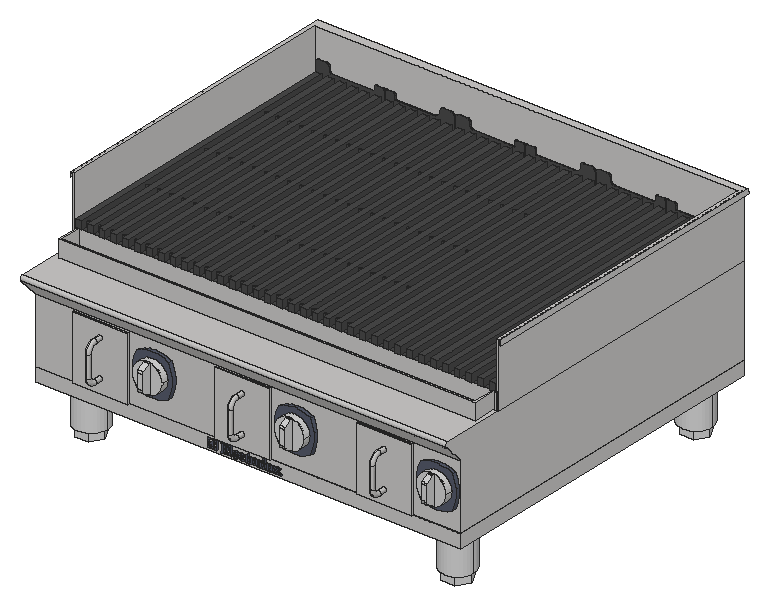
Revit family "QF_ELECTROLUXPROFESSIONAL_169121_AGG36", category Specialty Equipment, Revit 2018
Family settings
  Round Connector Dimension = Use Diameter
  Part Type = Normal
  Work Plane-Based = No
  Always vertical = Yes
  Cut with Voids When Loaded = No
  Shared = Yes
  Room Calculation Point = No
Parameters
  Weight = "190 lbs."
  Watts = 0 W
  URL Manufacturer = "www.electrolux.com/foodservice"
  URL Cutsheet = "www.electrolux.com/foodservice"
  URL = "www.electrolux.com/foodservice"
  Type Mark [instance] = ""
  Type Comments = ""
  Status [instance] = ""
  Specification by User [instance] = ""
  Specification by Manufacturer = ""
  Show Logo [instance] = yes
  Show Clearance [instance] = yes
  Serial Number = ""
  Seismic Rating = ""
  SMACNA No = ""
  Revision Code [instance] = ""
  Omniclass Number and Title = ""
  NAFEM Spec ID Number = ""
  Model = "AGG36"
  Mechanical Remarks [instance] = ""
  Mechanical Connection Type [instance] = ""
  MasterSpec. = ""
  Manufacturer = "ELECTROLUX"
  Item Number [instance] = ""
  Installed By [instance] = ""
  Identify Quantity as Lot [instance] = yes
  HP = "0 HP"
  Gas Size = 3/4"
  Gas RI Height [instance] = 0"
  Gas RI Connection Height [instance] = 6 15/16"
  Gas KW = 28.9
  Gas Input = 99000.0 Btu/h
  Furnished By [instance] = ""
  Foodservice Equipment Identifier [instance] = yes
  Direct Waste Size = 0"
  Description = "Gas Charbroiler Top 36\""
  CSI MasterFormat = ""
  CSI Master Format = ""
Reference planes (in)
  plane 1 "BACK": y = 0
  plane 2: z = 0
  plane 3 "LEFT": x = 0
  plane 4 "RIGHT": x = 36
  plane 5 "FRONT": y = -31.49658
  plane 6 "TOP": z = 18.375
Forms (in)
  Extrusion 1, solid, material "QF_Finishes_Stainless Steel"
    sketch origin (0, 0, 0) x (0, 1, 0) y (0, 0, 1)
      loop
        arc (-31.25479, 12.9375) -> (-31.47376, 12.79398) -> (-31.42952, 12.53592) r 0.23881
        line (-31.42952, 12.53592) -> (-29.875, 10.86712) -> (-29.875, 5.4064) -> (0, 5.4064) -> (0, 12.9375) -> (-31.25479, 12.9375)
      loop
        line (-29.875, 5.36699) -> (-29.875, 4.25) -> (0, 4.25) -> (0, 5.34478) -> (-29.875, 5.36699)
    from 0 to 36
  Extrusion 2, solid, material "QF_Finishes_Handrails and Railings"
    sketch origin (0.0197, -1.36719, 0) x (1, 0, 0) y (0, 1, 0)
      loop
        line (3.07085, -24.73494) -> (1.88975, -24.73494) -> (1.2992, -25.75781) -> (1.88975, -26.78067) -> (3.07085, -26.78067) -> (3.6614, -25.75781) -> (3.07085, -24.73494)
    from 0 to 0.78729
  Revolve 3, solid, material "QF_Finishes_Handrails and Railings"
    sketch origin (0.0197, -27.125, 0) x (1, 0, 0) y (0, 0, 1)
      loop
        line (2.4803, 0.78729) -> (2.4803, 4.25) -> (1.10235, 4.25) -> (1.10235, 0.78729) -> (2.4803, 0.78729)
      axis (2.4803, 4.25) -> (2.4803, 0.78729)
    angle from 0 to 360
  Extrusion 4, solid, material "QF_Finishes_Handrails and Railings"
    sketch origin (0.0197, 23.82031, 0) x (1, 0, 0) y (0, 1, 0)
      loop
        line (3.07085, -24.73494) -> (1.88975, -24.73494) -> (1.2992, -25.75781) -> (1.88975, -26.78067) -> (3.07085, -26.78067) -> (3.6614, -25.75781) -> (3.07085, -24.73494)
    from 0 to 0.78729
  Revolve 5, solid, material "QF_Finishes_Handrails and Railings"
    sketch origin (0.0197, -1.9375, 0) x (1, 0, 0) y (0, 0, 1)
      loop
        line (2.4803, 0.78729) -> (2.4803, 4.25) -> (1.10235, 4.25) -> (1.10235, 0.78729) -> (2.4803, 0.78729)
      axis (2.4803, 4.25) -> (2.4803, 0.78729)
    angle from 0 to 360
  Extrusion 6, solid, material "Navy Blue"
    sketch origin (18, 0, 0) x (-1, 0, 0) y (0, 0, -1)
      loop
        arc (6.50574, -9.87065) -> (7.85673, -10.23541) -> (9.20772, -9.87065) r 2.68427
        arc (9.20772, -9.87065) -> (9.54528, -8.46518) -> (9.20772, -7.05971) r 3.09468
        arc (9.20772, -7.05971) -> (7.85673, -6.69495) -> (6.50574, -7.05971) r 2.68427
        arc (6.50574, -7.05971) -> (6.16818, -8.46518) -> (6.50574, -9.87065) r 3.09468
    from 29.875 to 30.17272
  Extrusion 7, solid, material "QF_Finishes_Handrails and Railings"
    sketch origin (18, 0, 0) x (-1, 0, 0) y (0, 0, -1)
      loop
        circle (7.85673, -8.46518) r 1.25
    from 30.17272 to 30.7208
  Extrusion 8, solid, material "QF_Finishes_Handrails and Railings"
    sketch origin (18, -0.08156, 0) x (0, 1, 0) y (0, 0, -1)
      loop
        line (-30.7208, -9.61954) -> (-30.63924, -9.61954) -> (-30.63924, -7.31125) -> (-30.7208, -7.31125) -> (-31.27282, -7.62384)
        arc (-31.27282, -7.62384) -> (-31.37661, -7.72631) -> (-31.41471, -7.86711) r 0.27972
        line (-31.41471, -7.86711) -> (-31.41533, -9.12681)
        arc (-31.41533, -9.12681) -> (-31.39236, -9.21203) -> (-31.32961, -9.27409) r 0.16924
        line (-31.32961, -9.27409) -> (-30.7208, -9.61954)
    from 7.63866 to 8.09484
  Extrusion 9, solid, material "Navy Blue", visible <- "Show Logo"
    sketch origin (-7.82651, 16.02487, -64.47924) x (1, 0, 0) y (0, 0, 1)
      loop
        line (22.92786, 69.6462) -> (22.92786, 68.97238)
        arc (22.92786, 68.97238) -> (23.17694, 69.30929) -> (22.92786, 69.6462) r 0.35239
      loop
        arc (22.89359, 69.6462) -> (22.61337, 69.58251) -> (22.47836, 69.32883) r 0.34534
        line (22.47836, 69.32883) -> (22.58983, 69.32883)
        arc (22.58983, 69.32883) -> (22.78898, 69.40966) -> (22.89359, 69.59741) r 0.32369
        line (22.89359, 69.59741) -> (22.89359, 69.6462)
      loop
        arc (22.89359, 69.02118) -> (22.78898, 69.20892) -> (22.58983, 69.28976) r 0.32369
        line (22.58983, 69.28976) -> (22.47836, 69.28976)
        arc (22.47836, 69.28976) -> (22.61314, 69.03398) -> (22.89359, 68.96373) r 0.35438
        line (22.89359, 68.96373) -> (22.89359, 69.02118)
      loop
        line (22.45278, 69.68297) -> (22.45278, 68.93408) -> (23.20268, 68.93408) -> (23.20268, 69.68297) -> (22.45278, 69.68297)
      loop
        line (23.57392, 69.68753) -> (23.57392, 69.6483)
        arc (23.57392, 69.6483) -> (23.62149, 69.63495) -> (23.64661, 69.59241) r 0.06626
        line (23.64661, 69.59241) -> (23.64661, 69.02506)
        arc (23.64661, 69.02506) -> (23.62256, 68.98016) -> (23.57396, 68.96488) r 0.06745
        line (23.57396, 68.96488) -> (23.57396, 68.92937) -> (24.14289, 68.92937) -> (24.14289, 69.07925) -> (24.094, 69.07925)
        arc (24.094, 69.07925) -> (24.0624, 69.02972) -> (24.00915, 69.0049) r 0.10503
        line (24.00915, 69.0049) -> (23.87299, 69.0049)
        arc (23.87299, 69.0049) -> (23.83329, 69.01991) -> (23.81345, 69.05743) r 0.06
        line (23.81345, 69.05743) -> (23.81345, 69.28009) -> (24.01361, 69.28009)
        arc (24.01361, 69.28009) -> (24.04135, 69.26003) -> (24.05328, 69.22795) r 0.05899
        line (24.05328, 69.22795) -> (24.08489, 69.22795) -> (24.08489, 69.40532) -> (24.05328, 69.40532)
        arc (24.05328, 69.40532) -> (24.04135, 69.37324) -> (24.01361, 69.35319) r 0.05899
        line (24.01361, 69.35319) -> (23.81345, 69.35319) -> (23.81345, 69.60803) -> (24.01764, 69.60803)
        arc (24.01764, 69.60803) -> (24.06367, 69.59288) -> (24.08951, 69.55188) r 0.07161
        line (24.08951, 69.55188) -> (24.12389, 69.55188) -> (24.12389, 69.68753) -> (23.57392, 69.68753)
      loop
        line (24.19687, 69.68753) -> (24.19687, 69.65098)
        arc (24.19687, 69.65098) -> (24.24558, 69.63081) -> (24.26576, 69.58209) r 0.06889
        line (24.26576, 69.58209) -> (24.26576, 69.05632)
        arc (24.26576, 69.05632) -> (24.24416, 69.00892) -> (24.19421, 68.99412) r 0.06281
        line (24.19421, 68.99412) -> (24.19421, 68.92937) -> (24.48487, 68.92937) -> (24.48487, 68.99412)
        arc (24.48487, 68.99412) -> (24.43492, 69.00892) -> (24.41332, 69.05632) r 0.06281
        line (24.41332, 69.05632) -> (24.41332, 69.71411) -> (24.19687, 69.68753)
      loop
        line (24.67774, 69.1307) -> (24.67774, 69.19988) -> (25.02902, 69.19988) -> (25.02902, 69.24342)
        arc (25.02902, 69.24342) -> (24.97537, 69.38403) -> (24.8417, 69.45315) r 0.21106
        line (24.8417, 69.45315) -> (24.74575, 69.45315)
        arc (24.74575, 69.45315) -> (24.58967, 69.3885) -> (24.52503, 69.23242) r 0.22073
        line (24.52503, 69.23242) -> (24.52503, 69.123)
        arc (24.52503, 69.123) -> (24.60594, 68.96944) -> (24.76978, 68.91213) r 0.23712
        arc (24.76978, 68.91213) -> (24.904, 68.93198) -> (25.01703, 69.00704) r 0.31131
        line (25.01703, 69.00704) -> (25.01703, 69.05875)
        arc (25.01703, 69.05875) -> (24.93153, 69.01883) -> (24.83791, 69.00704) r 0.304
        arc (24.83791, 69.00704) -> (24.73948, 69.04304) -> (24.68203, 69.1307) r 0.16658
      loop
        line (24.67774, 69.2685) -> (24.88387, 69.2685) -> (24.88387, 69.31067)
        arc (24.88387, 69.31067) -> (24.8636, 69.36636) -> (24.81228, 69.39599) r 0.08663
        line (24.81228, 69.39599) -> (24.7671, 69.39599)
        arc (24.7671, 69.39599) -> (24.69868, 69.34888) -> (24.67774, 69.2685) r 0.11901
      loop
        arc (25.57907, 69.42057) -> (25.48785, 69.4472) -> (25.39322, 69.45579) r 0.49163
        line (25.39322, 69.45579) -> (25.31898, 69.45579)
        arc (25.31898, 69.45579) -> (25.16644, 69.39261) -> (25.10326, 69.24007) r 0.21572
        line (25.10326, 69.24007) -> (25.10326, 69.09839)
        arc (25.10326, 69.09839) -> (25.1737, 68.97407) -> (25.30297, 68.91318) r 0.23599
        line (25.30297, 68.91318) -> (25.41932, 68.91318)
        arc (25.41932, 68.91318) -> (25.51994, 68.94946) -> (25.60259, 69.01736) r 0.31449
        line (25.60259, 69.01736) -> (25.60259, 69.06672) -> (25.56735, 69.06672)
        arc (25.56735, 69.06672) -> (25.51758, 69.02418) -> (25.45391, 69.00888) r 0.14017
        line (25.45391, 69.00888) -> (25.37135, 69.00888)
        arc (25.37135, 69.00888) -> (25.28191, 69.06369) -> (25.2469, 69.16257) r 0.15712
        line (25.2469, 69.16257) -> (25.2469, 69.23224)
        arc (25.2469, 69.23224) -> (25.27742, 69.33147) -> (25.36813, 69.38195) r 0.13914
        line (25.36813, 69.38195) -> (25.42553, 69.38195)
        arc (25.42553, 69.38195) -> (25.4982, 69.34763) -> (25.53993, 69.27894) r 0.13972
        line (25.53993, 69.27894) -> (25.57907, 69.27894) -> (25.57907, 69.42057)
      loop
        line (25.5938, 69.36509) -> (25.67558, 69.36509) -> (25.67558, 69.03555)
        arc (25.67558, 69.03555) -> (25.71142, 68.94902) -> (25.79795, 68.91318) r 0.12237
        line (25.79795, 68.91318) -> (25.88423, 68.91318)
        arc (25.88423, 68.91318) -> (25.95312, 68.94271) -> (26.00819, 68.99355) r 0.22123
        line (26.00819, 68.99355) -> (26.00819, 69.02847) -> (25.97122, 69.02847)
        arc (25.97122, 69.02847) -> (25.93052, 69.00759) -> (25.88479, 69.00888) r 0.09207
        arc (25.88479, 69.00888) -> (25.84186, 69.03838) -> (25.82533, 69.08778) r 0.08208
        line (25.82533, 69.08778) -> (25.82533, 69.36773) -> (25.95595, 69.36773) -> (25.98627, 69.39804) -> (25.98627, 69.44281) -> (25.83045, 69.44281) -> (25.83045, 69.61886) -> (25.5938, 69.36509)
      loop
        line (26.03517, 68.92504) -> (26.32868, 68.92504) -> (26.32868, 68.98552)
        arc (26.32868, 68.98552) -> (26.27686, 69.00698) -> (26.2554, 69.0588) r 0.07328
        line (26.2554, 69.0588) -> (26.2554, 69.25583)
        arc (26.2554, 69.25583) -> (26.28765, 69.29749) -> (26.33792, 69.31327) r 0.088
        line (26.33792, 69.31327) -> (26.42268, 69.31327) -> (26.46, 69.45253) -> (26.38466, 69.45253)
        arc (26.38466, 69.45253) -> (26.3098, 69.42153) -> (26.2788, 69.34667) r 0.10586
        line (26.2788, 69.34667) -> (26.24521, 69.34667) -> (26.24521, 69.44913) -> (26.0346, 69.42699) -> (26.0346, 69.39208)
        arc (26.0346, 69.39208) -> (26.08292, 69.37113) -> (26.10845, 69.32506) r 0.08178
        line (26.10845, 69.32506) -> (26.10845, 69.0588)
        arc (26.10845, 69.0588) -> (26.08698, 69.00698) -> (26.03517, 68.98552) r 0.07328
        line (26.03517, 68.98552) -> (26.03517, 68.92504)
      loop
        line (26.4717, 69.2575) -> (26.4717, 69.11082)
        arc (26.4717, 69.11082) -> (26.54295, 68.97757) -> (26.68084, 68.91579) r 0.23366
        arc (26.68084, 68.91579) -> (26.75604, 68.91233) -> (26.83125, 68.91579) r 0.81853
        arc (26.83125, 68.91579) -> (26.96914, 68.97757) -> (27.04039, 69.11082) r 0.23366
        line (27.04039, 69.11082) -> (27.04039, 69.2575)
        arc (27.04039, 69.2575) -> (26.96914, 69.39075) -> (26.83125, 69.45253) r 0.23366
        arc (26.83125, 69.45253) -> (26.75604, 69.45599) -> (26.68084, 69.45253) r 0.81853
        arc (26.68084, 69.45253) -> (26.54295, 69.39075) -> (26.4717, 69.2575) r 0.23366
      loop
        line (26.64139, 69.26866) -> (26.64139, 69.09966)
        arc (26.64139, 69.09966) -> (26.75891, 68.98213) -> (26.87643, 69.09966) r 0.11752
        line (26.87643, 69.09966) -> (26.87643, 69.26866)
        arc (26.87643, 69.26866) -> (26.75891, 69.38619) -> (26.64139, 69.26866) r 0.11752
      loop
        line (27.08187, 69.68753) -> (27.08187, 69.64903)
        arc (27.08187, 69.64903) -> (27.13059, 69.62885) -> (27.15076, 69.58014) r 0.06889
        line (27.15076, 69.58014) -> (27.15076, 69.04265)
        arc (27.15076, 69.04265) -> (27.12916, 68.99525) -> (27.07922, 68.98045) r 0.06281
        line (27.07922, 68.98045) -> (27.07922, 68.92937) -> (27.36987, 68.92937) -> (27.36987, 68.98045)
        arc (27.36987, 68.98045) -> (27.31992, 68.99525) -> (27.29832, 69.04265) r 0.06281
        line (27.29832, 69.04265) -> (27.29832, 69.71411) -> (27.08187, 69.68753)
      loop
        arc (27.56578, 68.9189) -> (27.48158, 68.95913) -> (27.44739, 69.04596) r 0.12738
        line (27.44739, 69.04596) -> (27.44739, 69.31948)
        arc (27.44739, 69.31948) -> (27.42537, 69.36878) -> (27.37395, 69.38526) r 0.06618
        line (27.37395, 69.38526) -> (27.37395, 69.42631) -> (27.59762, 69.44982) -> (27.59762, 69.11219)
        arc (27.59762, 69.11219) -> (27.62174, 69.04935) -> (27.68172, 69.01879) r 0.09392
        arc (27.68172, 69.01879) -> (27.73752, 69.02275) -> (27.78856, 69.04565) r 0.16019
        line (27.78856, 69.04565) -> (27.78856, 69.32369)
        arc (27.78856, 69.32369) -> (27.76083, 69.36469) -> (27.71529, 69.38406) r 0.08743
        line (27.71529, 69.38406) -> (27.71529, 69.42692) -> (27.94433, 69.44294) -> (27.94433, 69.02604)
        arc (27.94433, 69.02604) -> (27.9585, 68.98878) -> (27.99384, 68.97036) r 0.05606
        line (27.99384, 68.97036) -> (27.99384, 68.92937) -> (27.8523, 68.92937)
        arc (27.8523, 68.92937) -> (27.81996, 68.94344) -> (27.80822, 68.97669) r 0.04419
        line (27.80822, 68.97669) -> (27.77574, 68.97669)
        arc (27.77574, 68.97669) -> (27.72, 68.93392) -> (27.65141, 68.91872) r 0.1623
        line (27.65141, 68.91872) -> (27.5689, 68.91872)
      loop
        line (27.99384, 69.43917) -> (27.99384, 69.40417)
        arc (27.99384, 69.40417) -> (28.05152, 69.38277) -> (28.10231, 69.34805) r 0.25223
        line (28.10231, 69.34805) -> (28.22795, 69.17511) -> (28.05838, 68.98679)
        arc (28.05838, 68.98679) -> (28.03693, 68.97387) -> (28.01192, 68.97509) r 0.04299
        line (28.01192, 68.97509) -> (28.01192, 68.92937) -> (28.20509, 68.92937) -> (28.20509, 68.97439)
        arc (28.20509, 68.97439) -> (28.18534, 68.99304) -> (28.19035, 69.01974) r 0.02835
        line (28.19035, 69.01974) -> (28.27051, 69.11781) -> (28.34546, 69.00239)
        arc (28.34546, 69.00239) -> (28.32857, 68.98053) -> (28.30136, 68.97581) r 0.03815
        line (28.30136, 68.97581) -> (28.30136, 68.92937) -> (28.63046, 68.92937) -> (28.63046, 68.97768)
        arc (28.63046, 68.97768) -> (28.59456, 68.98133) -> (28.56559, 69.00285) r 0.06795
        line (28.56559, 69.00285) -> (28.38385, 69.23546) -> (28.48746, 69.35895)
        arc (28.48746, 69.35895) -> (28.53396, 69.39302) -> (28.59095, 69.40172) r 0.12107
        line (28.59095, 69.40172) -> (28.59095, 69.43917) -> (28.38306, 69.43917) -> (28.38306, 69.40172)
        arc (28.38306, 69.40172) -> (28.41038, 69.38848) -> (28.40759, 69.35825) r 0.02666
        line (28.40759, 69.35825) -> (28.33803, 69.27536) -> (28.27317, 69.36799)
        arc (28.27317, 69.36799) -> (28.28698, 69.39468) -> (28.31549, 69.40418) r 0.03992
        line (28.31549, 69.40418) -> (28.31549, 69.43917) -> (27.99384, 69.43917)
    from 45.89987 to 45.9727
  Extrusion 10, solid, material "QF_Finishes_Clearance", visible <- "Show Clearance", detail levels coarse
    sketch origin (2.80868, 0.84181, 0) x (1, 0, 0) y (0, 1, 0)
      loop
        line (-8.80868, -32.33839) -> (-2.80868, -32.33839) -> (-2.80868, -0.84181) -> (33.19132, -0.84181) -> (33.19132, -32.33839) -> (39.19919, -32.33839) -> (39.19919, 7.15819) -> (-8.80868, 7.15819) -> (-8.80868, -32.33839)
    from 0 to 18.375
  Extrusion 11, solid, material "QF_Finishes_Stainless Steel"
    sketch origin (-7.25787, -1.848, 2.75) x (1, 0, 0) y (0, 0, 1)
      loop
        circle (8.69537, 4.1875) r 0.375
    from -2.473 to -1.848
  Extrusion 12, solid, material "QF_Finishes_Handrails and Railings"
    sketch origin (35.9803, -1.36719, 0) x (-1, 0, 0) y (0, -1, 0)
      loop
        line (3.07085, 24.73494) -> (3.6614, 25.75781) -> (3.07085, 26.78067) -> (1.88975, 26.78067) -> (1.2992, 25.75781) -> (1.88975, 24.73494) -> (3.07085, 24.73494)
    from 0 to 0.78729
  Revolve 13, solid, material "QF_Finishes_Handrails and Railings"
    sketch origin (35.9803, -27.125, 0) x (-1, 0, 0) y (0, 0, -1)
      loop
        line (2.4803, -0.78729) -> (1.10235, -0.78729) -> (1.10235, -4.25) -> (2.4803, -4.25) -> (2.4803, -0.78729)
      axis (2.4803, -4.25) -> (2.4803, -0.78729)
    angle from 0 to 360
  Extrusion 14, solid, material "QF_Finishes_Handrails and Railings"
    sketch origin (35.9803, 23.82031, 0) x (-1, 0, 0) y (0, -1, 0)
      loop
        line (3.07085, 24.73494) -> (3.6614, 25.75781) -> (3.07085, 26.78067) -> (1.88975, 26.78067) -> (1.2992, 25.75781) -> (1.88975, 24.73494) -> (3.07085, 24.73494)
    from 0 to 0.78729
  Revolve 15, solid, material "QF_Finishes_Handrails and Railings"
    sketch origin (35.9803, -1.9375, 0) x (-1, 0, 0) y (0, 0, -1)
      loop
        line (2.4803, -0.78729) -> (1.10235, -0.78729) -> (1.10235, -4.25) -> (2.4803, -4.25) -> (2.4803, -0.78729)
      axis (2.4803, -4.25) -> (2.4803, -0.78729)
    angle from 0 to 360
  Extrusion 16, solid, material "QF_Finishes_Stainless Steel"
    sketch origin (14.08679, -0.01486, 0.01533) x (0, 0, 1) y (-1, 0, 0)
      loop
        line (5.37858, 6.1313) -> (10.77228, 6.1313) -> (10.77228, 10.81634) -> (5.37858, 10.81634) -> (5.37858, 6.1313)
    from 29.92264 to 30.06107
  Sweep 17, solid, material "QF_Finishes_Stainless Steel"
    path origin (5.61296, 6.02097, 25.16218) x (0, 0, -1) y (0, -1, 0)
      loop
        line (18.42574, 36.0969) -> (18.42574, 36.7219)
        arc (18.42574, 36.7219) -> (18.29892, 37.02809) -> (17.99273, 37.15492) r 0.43301
        line (17.99273, 37.15492) -> (16.1501, 37.15492)
        arc (16.1501, 37.15492) -> (15.84391, 37.02809) -> (15.71708, 36.7219) r 0.43301
        line (15.71708, 36.7219) -> (15.71708, 36.0969)
    profile origin (5.61296, -30.38843, 9.44509) x (0, 0, -1) y (-1, 0, 0)
      loop
        circle (-0.1847, 0) r 0.1847
  Extrusion 18, solid, material "QF_Finishes_Stainless Steel"
    sketch origin (0, 0, 0) x (1, 0, 0) y (0, 1, 0)
      loop
        line (0.125, -25.94113) -> (0.125, -0.47213) -> (35.875, -0.47213) -> (35.875, -25.94113) -> (36, -25.94113) -> (36, 0) -> (0, 0) -> (0, -25.94113) -> (0.125, -25.94113)
    from 12.9375 to 18.375
  Extrusion 19, solid, material "QF_Finishes_Stainless Steel"
    sketch origin (0, 0, 0) x (0, 1, 0) y (0, 0, 1)
      loop
        line (-0.47213, 14.3125) -> (-25.94113, 14.3125) -> (-25.94113, 12.9375) -> (-0.47213, 12.9375) -> (-0.47213, 14.3125)
    from 0.125 to 35.875
  Extrusion 20, solid, material "QF_Finishes_Stainless Steel"
    sketch origin (0, 1.77555, 0.0625) x (1, 0, 0) y (0, 1, 0)
      loop
        line (35.61418, -29.68276) -> (35.61418, -27.71668) -> (35.48918, -27.71668) -> (35.48918, -29.55776) -> (0.5187, -29.55776) -> (0.5187, -27.71668) -> (0.3937, -27.71668) -> (0.3937, -29.68276) -> (35.61418, -29.68276)
    from 12.8739 to 14.25
  Extrusion 21, solid, material "QF_Finishes_Black"
    sketch origin (0, 0, 0.23007) x (1, 0, 0) y (0, 0, 1)
      loop
        line (0.25, 14.70743) -> (0.25, 14.08243) -> (0.74213, 14.08243) -> (0.74213, 14.70743) -> (0.25, 14.70743)
      loop
        line (1.25, 14.70743) -> (1.25, 14.08243) -> (1.74213, 14.08243) -> (1.74213, 14.70743) -> (1.25, 14.70743)
      loop
        line (2.25, 14.70743) -> (2.25, 14.08243) -> (2.74213, 14.08243) -> (2.74213, 14.70743) -> (2.25, 14.70743)
      loop
        line (3.25, 14.70743) -> (3.25, 14.08243) -> (3.74213, 14.08243) -> (3.74213, 14.70743) -> (3.25, 14.70743)
      loop
        line (4.25, 14.70743) -> (4.25, 14.08243) -> (4.74213, 14.08243) -> (4.74213, 14.70743) -> (4.25, 14.70743)
      loop
        line (5.25, 14.70743) -> (5.25, 14.08243) -> (5.74213, 14.08243) -> (5.74213, 14.70743) -> (5.25, 14.70743)
      loop
        line (6.25, 14.70743) -> (6.25, 14.08243) -> (6.74213, 14.08243) -> (6.74213, 14.70743) -> (6.25, 14.70743)
      loop
        line (7.25, 14.70743) -> (7.25, 14.08243) -> (7.74213, 14.08243) -> (7.74213, 14.70743) -> (7.25, 14.70743)
      loop
        line (8.25, 14.70743) -> (8.25, 14.08243) -> (8.74213, 14.08243) -> (8.74213, 14.70743) -> (8.25, 14.70743)
      loop
        line (9.25, 14.70743) -> (9.25, 14.08243) -> (9.74213, 14.08243) -> (9.74213, 14.70743) -> (9.25, 14.70743)
      loop
        line (10.25, 14.70743) -> (10.25, 14.08243) -> (10.74213, 14.08243) -> (10.74213, 14.70743) -> (10.25, 14.70743)
      loop
        line (11.25, 14.70743) -> (11.25, 14.08243) -> (11.74213, 14.08243) -> (11.74213, 14.70743) -> (11.25, 14.70743)
    from 0.53463 to 25.94113
  Extrusion 22, solid, material "QF_Finishes_Black"
    sketch origin (0, -0.79298, 0.23007) x (1, 0, 0) y (0, 1, 0)
      loop
        line (0.74213, -24.6794) -> (23.26575, -24.6794) -> (23.26575, -24.5544) -> (0.74213, -24.5544) -> (0.74213, -24.6794)
    from 14.08243 to 14.55429
  Extrusion 23, solid, material "QF_Finishes_Black"
    sketch origin (0, 5.45702, 0.23007) x (1, 0, 0) y (0, 1, 0)
      loop
        line (0.74213, -24.6794) -> (23.26575, -24.6794) -> (23.26575, -24.5544) -> (0.74213, -24.5544) -> (0.74213, -24.6794)
    from 14.08243 to 14.55429
  Extrusion 24, solid, material "QF_Finishes_Black"
    sketch origin (0, 11.70702, 0.23007) x (1, 0, 0) y (0, 1, 0)
      loop
        line (0.74213, -24.6794) -> (23.26575, -24.6794) -> (23.26575, -24.5544) -> (0.74213, -24.5544) -> (0.74213, -24.6794)
    from 14.08243 to 14.55429
  Extrusion 25, solid, material "QF_Finishes_Black"
    sketch origin (0, 17.95702, 0.23007) x (1, 0, 0) y (0, 1, 0)
      loop
        line (0.74213, -24.6794) -> (23.26575, -24.6794) -> (23.26575, -24.5544) -> (0.74213, -24.5544) -> (0.74213, -24.6794)
    from 14.08243 to 14.55429
  Extrusion 26, solid, material "QF_Finishes_Black"
    sketch origin (0, -0.47213, 0.23007) x (1, 0, 0) y (0, 0, 1)
      loop
        line (6.03125, 14.08243) -> (6.03125, 15.29625)
        arc (6.03125, 15.29625) -> (5.98404, 15.41022) -> (5.87007, 15.45743) r 0.16118
        line (5.87007, 15.45743) -> (5.34868, 15.45743)
        arc (5.34868, 15.45743) -> (5.23471, 15.41022) -> (5.1875, 15.29625) r 0.16118
        line (5.1875, 15.29625) -> (5.1875, 14.95743) -> (1.71808, 14.95743)
        arc (1.71808, 14.95743) -> (1.47549, 15.05792) -> (1.375, 15.30051) r 0.34308
        line (1.375, 15.30051) -> (1.375, 15.45743)
        arc (1.375, 15.45743) -> (1.30178, 15.63421) -> (1.125, 15.70743) r 0.25
        line (1.125, 15.70743) -> (0.5414, 15.70743)
        arc (0.5414, 15.70743) -> (0.24696, 15.58547) -> (0.125, 15.29104) r 0.4164
        line (0.125, 15.29104) -> (0.125, 14.08243) -> (6.03125, 14.08243)
    from 0 to 0.0625
  Extrusion 27, solid, material "QF_Finishes_Black"
    sketch origin (12.125, -0.47213, 0.23007) x (-1, 0, 0) y (0, 0, -1)
      loop
        line (6.03125, -14.08243) -> (0.125, -14.08243) -> (0.125, -15.29104)
        arc (0.125, -15.29104) -> (0.24696, -15.58547) -> (0.5414, -15.70743) r 0.4164
        line (0.5414, -15.70743) -> (1.125, -15.70743)
        arc (1.125, -15.70743) -> (1.30178, -15.63421) -> (1.375, -15.45743) r 0.25
        line (1.375, -15.45743) -> (1.375, -15.30051)
        arc (1.375, -15.30051) -> (1.47549, -15.05792) -> (1.71808, -14.95743) r 0.34308
        line (1.71808, -14.95743) -> (5.1875, -14.95743) -> (5.1875, -15.29625)
        arc (5.1875, -15.29625) -> (5.23471, -15.41022) -> (5.34868, -15.45743) r 0.16118
        line (5.34868, -15.45743) -> (5.87007, -15.45743)
        arc (5.87007, -15.45743) -> (5.98404, -15.41022) -> (6.03125, -15.29625) r 0.16118
        line (6.03125, -15.29625) -> (6.03125, -14.08243)
    from 0 to 0.0625
  Sweep 28, solid, material "QF_Finishes_Stainless Steel"
    path in 3D
      loop
        line (36, -25.94113, 18.375) -> (36, 0, 18.375) -> (0, 0, 18.375) -> (0, -25.94113, 18.375)
    profile origin (0, -12.97057, 18.375) x (1, 0, 0) y (0, 0, 1)
      loop
        line (0, 0) -> (-0.2067, 0) -> (-0.2067, -0.39097) -> (-0.1442, -0.39097) -> (-0.1442, -0.0625) -> (0, -0.0625) -> (0, 0)
  Extrusion 29, solid, material "QF_Finishes_Stainless Steel"
    sketch origin (0, 2.02555, 0.0625) x (1, 0, 0) y (0, 1, 0)
      loop
        line (0.5187, -29.80776) -> (35.48918, -29.80776) -> (35.48918, -27.96668) -> (0.5187, -27.96668) -> (0.5187, -29.80776)
    from 12.8739 to 12.9989
  Extrusion 30, solid, material "QF_Finishes_Black"
    sketch origin (12.01575, 0, 0.23007) x (1, 0, 0) y (0, 0, 1)
      loop
        line (0.25, 14.70743) -> (0.25, 14.08243) -> (0.74213, 14.08243) -> (0.74213, 14.70743) -> (0.25, 14.70743)
      loop
        line (1.25, 14.70743) -> (1.25, 14.08243) -> (1.74213, 14.08243) -> (1.74213, 14.70743) -> (1.25, 14.70743)
      loop
        line (2.25, 14.70743) -> (2.25, 14.08243) -> (2.74213, 14.08243) -> (2.74213, 14.70743) -> (2.25, 14.70743)
      loop
        line (3.25, 14.70743) -> (3.25, 14.08243) -> (3.74213, 14.08243) -> (3.74213, 14.70743) -> (3.25, 14.70743)
      loop
        line (4.25, 14.70743) -> (4.25, 14.08243) -> (4.74213, 14.08243) -> (4.74213, 14.70743) -> (4.25, 14.70743)
      loop
        line (5.25, 14.70743) -> (5.25, 14.08243) -> (5.74213, 14.08243) -> (5.74213, 14.70743) -> (5.25, 14.70743)
      loop
        line (6.25, 14.70743) -> (6.25, 14.08243) -> (6.74213, 14.08243) -> (6.74213, 14.70743) -> (6.25, 14.70743)
      loop
        line (7.25, 14.70743) -> (7.25, 14.08243) -> (7.74213, 14.08243) -> (7.74213, 14.70743) -> (7.25, 14.70743)
      loop
        line (8.25, 14.70743) -> (8.25, 14.08243) -> (8.74213, 14.08243) -> (8.74213, 14.70743) -> (8.25, 14.70743)
      loop
        line (9.25, 14.70743) -> (9.25, 14.08243) -> (9.74213, 14.08243) -> (9.74213, 14.70743) -> (9.25, 14.70743)
      loop
        line (10.25, 14.70743) -> (10.25, 14.08243) -> (10.74213, 14.08243) -> (10.74213, 14.70743) -> (10.25, 14.70743)
      loop
        line (11.25, 14.70743) -> (11.25, 14.08243) -> (11.74213, 14.08243) -> (11.74213, 14.70743) -> (11.25, 14.70743)
    from 0.53463 to 25.94113
  Extrusion 31, solid, material "QF_Finishes_Black"
    sketch origin (11.75, -0.79298, 0.23007) x (1, 0, 0) y (0, 1, 0)
      loop
        line (0.74213, -24.6794) -> (11.51575, -24.6794) -> (11.51575, -24.5544) -> (0.74213, -24.5544) -> (0.74213, -24.6794)
    from 14.08243 to 14.55429
  Extrusion 32, solid, material "QF_Finishes_Black"
    sketch origin (11.88287, -0.47213, 0.23007) x (1, 0, 0) y (0, 0, 1)
      loop
        line (6.03125, 14.08243) -> (6.03125, 15.29625)
        arc (6.03125, 15.29625) -> (5.98404, 15.41022) -> (5.87007, 15.45743) r 0.16118
        line (5.87007, 15.45743) -> (5.34868, 15.45743)
        arc (5.34868, 15.45743) -> (5.23471, 15.41022) -> (5.1875, 15.29625) r 0.16118
        line (5.1875, 15.29625) -> (5.1875, 14.95743) -> (1.71808, 14.95743)
        arc (1.71808, 14.95743) -> (1.47549, 15.05792) -> (1.375, 15.30051) r 0.34308
        line (1.375, 15.30051) -> (1.375, 15.45743)
        arc (1.375, 15.45743) -> (1.30178, 15.63421) -> (1.125, 15.70743) r 0.25
        line (1.125, 15.70743) -> (0.5414, 15.70743)
        arc (0.5414, 15.70743) -> (0.24696, 15.58547) -> (0.125, 15.29104) r 0.4164
        line (0.125, 15.29104) -> (0.125, 14.08243) -> (6.03125, 14.08243)
    from 0 to 0.0625
  Extrusion 33, solid, material "QF_Finishes_Black"
    sketch origin (24.00787, -0.47213, 0.23007) x (-1, 0, 0) y (0, 0, -1)
      loop
        line (6.03125, -14.08243) -> (0.125, -14.08243) -> (0.125, -15.29104)
        arc (0.125, -15.29104) -> (0.24696, -15.58547) -> (0.5414, -15.70743) r 0.4164
        line (0.5414, -15.70743) -> (1.125, -15.70743)
        arc (1.125, -15.70743) -> (1.30178, -15.63421) -> (1.375, -15.45743) r 0.25
        line (1.375, -15.45743) -> (1.375, -15.30051)
        arc (1.375, -15.30051) -> (1.47549, -15.05792) -> (1.71808, -14.95743) r 0.34308
        line (1.71808, -14.95743) -> (5.1875, -14.95743) -> (5.1875, -15.29625)
        arc (5.1875, -15.29625) -> (5.23471, -15.41022) -> (5.34868, -15.45743) r 0.16118
        line (5.34868, -15.45743) -> (5.87007, -15.45743)
        arc (5.87007, -15.45743) -> (5.98404, -15.41022) -> (6.03125, -15.29625) r 0.16118
        line (6.03125, -15.29625) -> (6.03125, -14.08243)
    from 0 to 0.0625
  Extrusion 34, solid, material "Navy Blue"
    sketch origin (30.00394, 0, 0) x (-1, 0, 0) y (0, 0, -1)
      loop
        arc (6.50574, -9.87065) -> (7.85673, -10.23541) -> (9.20772, -9.87065) r 2.68427
        arc (9.20772, -9.87065) -> (9.54528, -8.46518) -> (9.20772, -7.05971) r 3.09468
        arc (9.20772, -7.05971) -> (7.85673, -6.69495) -> (6.50574, -7.05971) r 2.68427
        arc (6.50574, -7.05971) -> (6.16818, -8.46518) -> (6.50574, -9.87065) r 3.09468
    from 29.875 to 30.17272
  Extrusion 35, solid, material "QF_Finishes_Handrails and Railings"
    sketch origin (30.00394, 0, 0) x (-1, 0, 0) y (0, 0, -1)
      loop
        circle (7.85673, -8.46518) r 1.25
    from 30.17272 to 30.7208
  Extrusion 36, solid, material "QF_Finishes_Handrails and Railings"
    sketch origin (30.00394, -0.08156, 0) x (0, 1, 0) y (0, 0, -1)
      loop
        line (-30.7208, -9.61954) -> (-30.63924, -9.61954) -> (-30.63924, -7.31125) -> (-30.7208, -7.31125) -> (-31.27282, -7.62384)
        arc (-31.27282, -7.62384) -> (-31.37661, -7.72631) -> (-31.41471, -7.86711) r 0.27972
        line (-31.41471, -7.86711) -> (-31.41533, -9.12681)
        arc (-31.41533, -9.12681) -> (-31.39236, -9.21203) -> (-31.32961, -9.27409) r 0.16924
        line (-31.32961, -9.27409) -> (-30.7208, -9.61954)
    from 7.63866 to 8.09484
  Extrusion 37, solid, material "QF_Finishes_Stainless Steel"
    sketch origin (26.09466, -0.01486, 0.01533) x (0, 0, 1) y (-1, 0, 0)
      loop
        line (5.37858, 6.1313) -> (10.77228, 6.1313) -> (10.77228, 10.81634) -> (5.37858, 10.81634) -> (5.37858, 6.1313)
    from 29.92264 to 30.06107
  Sweep 38, solid, material "QF_Finishes_Stainless Steel"
    path origin (17.62083, 6.02097, 25.16218) x (0, 0, -1) y (0, -1, 0)
      loop
        line (18.42574, 36.0969) -> (18.42574, 36.7219)
        arc (18.42574, 36.7219) -> (18.29892, 37.02809) -> (17.99273, 37.15492) r 0.43301
        line (17.99273, 37.15492) -> (16.1501, 37.15492)
        arc (16.1501, 37.15492) -> (15.84391, 37.02809) -> (15.71708, 36.7219) r 0.43301
        line (15.71708, 36.7219) -> (15.71708, 36.0969)
    profile origin (17.62083, -30.38843, 9.44509) x (0, 0, -1) y (-1, 0, 0)
      loop
        circle (-0.1847, 0) r 0.1847
  Extrusion 39, solid, material "QF_Finishes_Black"
    sketch origin (23.76575, -0.47213, 0.23007) x (1, 0, 0) y (0, 0, 1)
      loop
        line (6.03125, 14.08243) -> (6.03125, 15.29625)
        arc (6.03125, 15.29625) -> (5.98404, 15.41022) -> (5.87007, 15.45743) r 0.16118
        line (5.87007, 15.45743) -> (5.34868, 15.45743)
        arc (5.34868, 15.45743) -> (5.23471, 15.41022) -> (5.1875, 15.29625) r 0.16118
        line (5.1875, 15.29625) -> (5.1875, 14.95743) -> (1.71808, 14.95743)
        arc (1.71808, 14.95743) -> (1.47549, 15.05792) -> (1.375, 15.30051) r 0.34308
        line (1.375, 15.30051) -> (1.375, 15.45743)
        arc (1.375, 15.45743) -> (1.30178, 15.63421) -> (1.125, 15.70743) r 0.25
        line (1.125, 15.70743) -> (0.5414, 15.70743)
        arc (0.5414, 15.70743) -> (0.24696, 15.58547) -> (0.125, 15.29104) r 0.4164
        line (0.125, 15.29104) -> (0.125, 14.08243) -> (6.03125, 14.08243)
    from 0 to 0.0625
  Extrusion 40, solid, material "QF_Finishes_Black"
    sketch origin (35.89075, -0.47213, 0.23007) x (-1, 0, 0) y (0, 0, -1)
      loop
        line (6.03125, -14.08243) -> (0.125, -14.08243) -> (0.125, -15.29104)
        arc (0.125, -15.29104) -> (0.24696, -15.58547) -> (0.5414, -15.70743) r 0.4164
        line (0.5414, -15.70743) -> (1.125, -15.70743)
        arc (1.125, -15.70743) -> (1.30178, -15.63421) -> (1.375, -15.45743) r 0.25
        line (1.375, -15.45743) -> (1.375, -15.30051)
        arc (1.375, -15.30051) -> (1.47549, -15.05792) -> (1.71808, -14.95743) r 0.34308
        line (1.71808, -14.95743) -> (5.1875, -14.95743) -> (5.1875, -15.29625)
        arc (5.1875, -15.29625) -> (5.23471, -15.41022) -> (5.34868, -15.45743) r 0.16118
        line (5.34868, -15.45743) -> (5.87007, -15.45743)
        arc (5.87007, -15.45743) -> (5.98404, -15.41022) -> (6.03125, -15.29625) r 0.16118
        line (6.03125, -15.29625) -> (6.03125, -14.08243)
    from 0 to 0.0625
  Extrusion 41, solid, material "QF_Finishes_Black"
    sketch origin (24.01587, 0, 0.23007) x (1, 0, 0) y (0, 0, 1)
      loop
        line (0.25, 14.70743) -> (0.25, 14.08243) -> (0.74213, 14.08243) -> (0.74213, 14.70743) -> (0.25, 14.70743)
      loop
        line (1.25, 14.70743) -> (1.25, 14.08243) -> (1.74213, 14.08243) -> (1.74213, 14.70743) -> (1.25, 14.70743)
      loop
        line (2.25, 14.70743) -> (2.25, 14.08243) -> (2.74213, 14.08243) -> (2.74213, 14.70743) -> (2.25, 14.70743)
      loop
        line (3.25, 14.70743) -> (3.25, 14.08243) -> (3.74213, 14.08243) -> (3.74213, 14.70743) -> (3.25, 14.70743)
      loop
        line (4.25, 14.70743) -> (4.25, 14.08243) -> (4.74213, 14.08243) -> (4.74213, 14.70743) -> (4.25, 14.70743)
      loop
        line (5.25, 14.70743) -> (5.25, 14.08243) -> (5.74213, 14.08243) -> (5.74213, 14.70743) -> (5.25, 14.70743)
      loop
        line (6.25, 14.70743) -> (6.25, 14.08243) -> (6.74213, 14.08243) -> (6.74213, 14.70743) -> (6.25, 14.70743)
      loop
        line (7.25, 14.70743) -> (7.25, 14.08243) -> (7.74213, 14.08243) -> (7.74213, 14.70743) -> (7.25, 14.70743)
      loop
        line (8.25, 14.70743) -> (8.25, 14.08243) -> (8.74213, 14.08243) -> (8.74213, 14.70743) -> (8.25, 14.70743)
      loop
        line (9.25, 14.70743) -> (9.25, 14.08243) -> (9.74213, 14.08243) -> (9.74213, 14.70743) -> (9.25, 14.70743)
      loop
        line (10.25, 14.70743) -> (10.25, 14.08243) -> (10.74213, 14.08243) -> (10.74213, 14.70743) -> (10.25, 14.70743)
      loop
        line (11.25, 14.70743) -> (11.25, 14.08243) -> (11.74213, 14.08243) -> (11.74213, 14.70743) -> (11.25, 14.70743)
    from 0.53463 to 25.94113
  Extrusion 42, solid, material "Navy Blue"
    sketch origin (42.01181, 0, 0) x (-1, 0, 0) y (0, 0, -1)
      loop
        arc (6.50574, -9.87065) -> (7.85673, -10.23541) -> (9.20772, -9.87065) r 2.68427
        arc (9.20772, -9.87065) -> (9.54528, -8.46518) -> (9.20772, -7.05971) r 3.09468
        arc (9.20772, -7.05971) -> (7.85673, -6.69495) -> (6.50574, -7.05971) r 2.68427
        arc (6.50574, -7.05971) -> (6.16818, -8.46518) -> (6.50574, -9.87065) r 3.09468
    from 29.875 to 30.17272
  Extrusion 43, solid, material "QF_Finishes_Handrails and Railings"
    sketch origin (42.01181, 0, 0) x (-1, 0, 0) y (0, 0, -1)
      loop
        circle (7.85673, -8.46518) r 1.25
    from 30.17272 to 30.7208
  Extrusion 44, solid, material "QF_Finishes_Handrails and Railings"
    sketch origin (42.01181, -0.08156, 0) x (0, 1, 0) y (0, 0, -1)
      loop
        line (-30.7208, -9.61954) -> (-30.63924, -9.61954) -> (-30.63924, -7.31125) -> (-30.7208, -7.31125) -> (-31.27282, -7.62384)
        arc (-31.27282, -7.62384) -> (-31.37661, -7.72631) -> (-31.41471, -7.86711) r 0.27972
        line (-31.41471, -7.86711) -> (-31.41533, -9.12681)
        arc (-31.41533, -9.12681) -> (-31.39236, -9.21203) -> (-31.32961, -9.27409) r 0.16924
        line (-31.32961, -9.27409) -> (-30.7208, -9.61954)
    from 7.63866 to 8.09484
  Extrusion 45, solid, material "QF_Finishes_Stainless Steel"
    sketch origin (38.10253, -0.01486, 0.01533) x (0, 0, 1) y (-1, 0, 0)
      loop
        line (5.37858, 6.1313) -> (10.77228, 6.1313) -> (10.77228, 10.81634) -> (5.37858, 10.81634) -> (5.37858, 6.1313)
    from 29.92264 to 30.06107
  Sweep 46, solid, material "QF_Finishes_Stainless Steel"
    path origin (29.62871, 6.02097, 25.16218) x (0, 0, -1) y (0, -1, 0)
      loop
        line (18.42574, 36.0969) -> (18.42574, 36.7219)
        arc (18.42574, 36.7219) -> (18.29892, 37.02809) -> (17.99273, 37.15492) r 0.43301
        line (17.99273, 37.15492) -> (16.1501, 37.15492)
        arc (16.1501, 37.15492) -> (15.84391, 37.02809) -> (15.71708, 36.7219) r 0.43301
        line (15.71708, 36.7219) -> (15.71708, 36.0969)
    profile origin (29.62871, -30.38843, 9.44509) x (0, 0, -1) y (-1, 0, 0)
      loop
        circle (-0.1847, 0) r 0.1847
Cuts and joins
  joined: Extrusion 18, Sweep 28
  joined: Extrusion 20, Extrusion 29
Lines and regions (in)
  symbolic lines, style "QF-Clearances", visible <- "Show Clearance", detail levels coarse
    curve 1: line (-6, 8, 0) -> (42.00787, 8, 0)
    curve 2: line (-6, 8, 0) -> (-6, -31.49658, 0)
    curve 3: line (42.00787, -31.49658, 0) -> (42.00787, 8, 0)
  sketch lines
    curve 4: line (0, 0, 18.375) -> (0, -25.94113, 18.375)
    curve 5: line (36, 0, 18.375) -> (0, 0, 18.375)
    curve 6: line (36, -25.94113, 18.375) -> (36, 0, 18.375)
  symbolic lines
    curve 7: line (0, 0, 0) -> (0, -31.49658, 0)
    curve 8: line (36.00006, 0, 0) -> (36.00006, -31.49658, 0)
    curve 9: line (36.00006, 0, 0) -> (0, 0, 0)
    curve 10: line (0.125, 0, 0) -> (0.125, -25.94113, 0)
    curve 11: line (35.87506, 0, 0) -> (35.87506, -25.94113, 0)
    curve 12: line (0, -25.94113, 0) -> (36.00006, -25.94113, 0)
    curve 13: line (0.125, -0.53463, 0) -> (35.87506, -0.53463, 0)
    curve 14: line (0.74213, -6.59738, 0) -> (1.25, -6.59738, 0)
    curve 15: line (0.74213, -6.72238, 0) -> (1.25, -6.72238, 0)
    curve 16: line (1.74213, -6.59738, 0) -> (2.25, -6.59738, 0)
    curve 17: line (1.74213, -6.72238, 0) -> (2.25, -6.72238, 0)
    curve 18: line (2.74213, -6.59738, 0) -> (3.25, -6.59738, 0)
    curve 19: line (2.74213, -6.72238, 0) -> (3.25, -6.72238, 0)
    curve 20: line (3.74213, -6.59738, 0) -> (4.25, -6.59738, 0)
    curve 21: line (3.74213, -6.72238, 0) -> (4.25, -6.72238, 0)
    curve 22: line (4.74213, -6.59738, 0) -> (5.25, -6.59738, 0)
    curve 23: line (4.74213, -6.72238, 0) -> (5.25, -6.72238, 0)
    curve 24: line (5.74213, -6.59738, 0) -> (6.25, -6.59738, 0)
    curve 25: line (5.74213, -6.72238, 0) -> (6.25, -6.72238, 0)
    curve 26: line (6.74213, -6.59738, 0) -> (7.25, -6.59738, 0)
    curve 27: line (6.74213, -6.72238, 0) -> (7.25, -6.72238, 0)
    curve 28: line (7.74213, -6.59738, 0) -> (8.25, -6.59738, 0)
    curve 29: line (7.74213, -6.72238, 0) -> (8.25, -6.72238, 0)
    curve 30: line (8.74213, -6.59738, 0) -> (9.25, -6.59738, 0)
    curve 31: line (8.74213, -6.72238, 0) -> (9.25, -6.72238, 0)
    curve 32: line (9.74213, -6.59738, 0) -> (10.25, -6.59738, 0)
    curve 33: line (9.74213, -6.72238, 0) -> (10.25, -6.72238, 0)
    curve 34: line (0.74213, -12.84738, 0) -> (1.25, -12.84738, 0)
    curve 35: line (0.74213, -12.97238, 0) -> (1.25, -12.97238, 0)
    curve 36: line (1.74213, -12.84738, 0) -> (2.25, -12.84738, 0)
    curve 37: line (1.74213, -12.97238, 0) -> (2.25, -12.97238, 0)
    curve 38: line (2.74213, -12.84738, 0) -> (3.25, -12.84738, 0)
    curve 39: line (2.74213, -12.97238, 0) -> (3.25, -12.97238, 0)
    curve 40: line (3.74213, -12.84738, 0) -> (4.25, -12.84738, 0)
    curve 41: line (3.74213, -12.97238, 0) -> (4.25, -12.97238, 0)
    curve 42: line (4.74213, -12.84738, 0) -> (5.25, -12.84738, 0)
    curve 43: line (4.74213, -12.97238, 0) -> (5.25, -12.97238, 0)
    curve 44: line (5.74213, -12.84738, 0) -> (6.25, -12.84738, 0)
    curve 45: line (5.74213, -12.97238, 0) -> (6.25, -12.97238, 0)
    curve 46: line (6.74213, -12.84738, 0) -> (7.25, -12.84738, 0)
    curve 47: line (6.74213, -12.97238, 0) -> (7.25, -12.97238, 0)
    curve 48: line (7.74213, -12.84738, 0) -> (8.25, -12.84738, 0)
    curve 49: line (7.74213, -12.97238, 0) -> (8.25, -12.97238, 0)
    curve 50: line (8.74213, -12.84738, 0) -> (9.25, -12.84738, 0)
    curve 51: line (8.74213, -12.97238, 0) -> (9.25, -12.97238, 0)
    curve 52: line (9.74213, -12.84738, 0) -> (10.25, -12.84738, 0)
    curve 53: line (9.74213, -12.97238, 0) -> (10.25, -12.97238, 0)
    curve 54: line (0.74213, -19.09738, 0) -> (1.25, -19.09738, 0)
    curve 55: line (0.74213, -19.22238, 0) -> (1.25, -19.22238, 0)
    curve 56: line (1.74213, -19.09738, 0) -> (2.25, -19.09738, 0)
    curve 57: line (1.74213, -19.22238, 0) -> (2.25, -19.22238, 0)
    curve 58: line (2.74213, -19.09738, 0) -> (3.25, -19.09738, 0)
    curve 59: line (2.74213, -19.22238, 0) -> (3.25, -19.22238, 0)
    curve 60: line (3.74213, -19.09738, 0) -> (4.25, -19.09738, 0)
    curve 61: line (3.74213, -19.22238, 0) -> (4.25, -19.22238, 0)
    curve 62: line (4.74213, -19.09738, 0) -> (5.25, -19.09738, 0)
    curve 63: line (4.74213, -19.22238, 0) -> (5.25, -19.22238, 0)
    curve 64: line (5.74213, -19.09738, 0) -> (6.25, -19.09738, 0)
    curve 65: line (5.74213, -19.22238, 0) -> (6.25, -19.22238, 0)
    curve 66: line (6.74213, -19.09738, 0) -> (7.25, -19.09738, 0)
    curve 67: line (6.74213, -19.22238, 0) -> (7.25, -19.22238, 0)
    curve 68: line (7.74213, -19.09738, 0) -> (8.25, -19.09738, 0)
    curve 69: line (7.74213, -19.22238, 0) -> (8.25, -19.22238, 0)
    curve 70: line (8.74213, -19.09738, 0) -> (9.25, -19.09738, 0)
    curve 71: line (8.74213, -19.22238, 0) -> (9.25, -19.22238, 0)
    curve 72: line (9.74213, -19.09738, 0) -> (10.25, -19.09738, 0)
    curve 73: line (9.74213, -19.22238, 0) -> (10.25, -19.22238, 0)
    curve 74: line (0.74213, -25.34738, 0) -> (1.25, -25.34738, 0)
    curve 75: line (0.74213, -25.47238, 0) -> (1.25, -25.47238, 0)
    curve 76: line (1.74213, -25.34738, 0) -> (2.25, -25.34738, 0)
    curve 77: line (1.74213, -25.47238, 0) -> (2.25, -25.47238, 0)
    curve 78: line (2.74213, -25.34738, 0) -> (3.25, -25.34738, 0)
    curve 79: line (2.74213, -25.47238, 0) -> (3.25, -25.47238, 0)
    curve 80: line (3.74213, -25.34738, 0) -> (4.25, -25.34738, 0)
    curve 81: line (3.74213, -25.47238, 0) -> (4.25, -25.47238, 0)
    curve 82: line (4.74213, -25.34738, 0) -> (5.25, -25.34738, 0)
    curve 83: line (4.74213, -25.47238, 0) -> (5.25, -25.47238, 0)
    curve 84: line (5.74213, -25.34738, 0) -> (6.25, -25.34738, 0)
    curve 85: line (5.74213, -25.47238, 0) -> (6.25, -25.47238, 0)
    curve 86: line (6.74213, -25.34738, 0) -> (7.25, -25.34738, 0)
    curve 87: line (6.74213, -25.47238, 0) -> (7.25, -25.47238, 0)
    curve 88: line (7.74213, -25.34738, 0) -> (8.25, -25.34738, 0)
    curve 89: line (7.74213, -25.47238, 0) -> (8.25, -25.47238, 0)
    curve 90: line (8.74213, -25.34738, 0) -> (9.25, -25.34738, 0)
    curve 91: line (8.74213, -25.47238, 0) -> (9.25, -25.47238, 0)
    curve 92: line (9.74213, -25.34738, 0) -> (10.25, -25.34738, 0)
    curve 93: line (9.74213, -25.47238, 0) -> (10.25, -25.47238, 0)
    curve 94: line (0.5187, -27.78222, 0) -> (0.5187, -25.94113, 0)
    curve 95: line (0.3937, -25.94113, 0) -> (0.3937, -27.90722, 0)
    curve 96: line (0.3937, -27.90722, 0) -> (35.61418, -27.90722, 0)
    curve 97: line (35.48918, -27.78222, 0) -> (0.5187, -27.78222, 0)
    curve 98: line (35.48918, -25.94113, 0) -> (35.48918, -27.78222, 0)
    curve 99: line (35.61418, -27.90722, 0) -> (35.61418, -25.94113, 0)
    curve 100: line (36.00006, -31.49658, 0) -> (0, -31.49658, 0)
    curve 101: line (1.0625, 0.625, 0) -> (1.8125, 0.625, 0)
    curve 102: line (1.8125, 0.625, 0) -> (1.8125, 0, 0)
    curve 103: line (1.0625, 0.625, 0) -> (1.0625, 0, 0)
    curve 104: line (23.26575, -6.59738, 0) -> (22.75787, -6.59738, 0)
    curve 105: line (23.26575, -6.72238, 0) -> (22.75787, -6.72238, 0)
    curve 106: line (22.26575, -6.59738, 0) -> (21.75787, -6.59738, 0)
    curve 107: line (22.26575, -6.72238, 0) -> (21.75787, -6.72238, 0)
    curve 108: line (21.26575, -6.59738, 0) -> (20.75787, -6.59738, 0)
    curve 109: line (21.26575, -6.72238, 0) -> (20.75787, -6.72238, 0)
    curve 110: line (20.26575, -6.59738, 0) -> (19.75787, -6.59738, 0)
    curve 111: line (20.26575, -6.72238, 0) -> (19.75787, -6.72238, 0)
    curve 112: line (19.26575, -6.59738, 0) -> (18.75787, -6.59738, 0)
    curve 113: line (19.26575, -6.72238, 0) -> (18.75787, -6.72238, 0)
    curve 114: line (18.26575, -6.59738, 0) -> (17.75787, -6.59738, 0)
    curve 115: line (18.26575, -6.72238, 0) -> (17.75787, -6.72238, 0)
    curve 116: line (17.26575, -6.59738, 0) -> (16.75787, -6.59738, 0)
    curve 117: line (17.26575, -6.72238, 0) -> (16.75787, -6.72238, 0)
    curve 118: line (16.26575, -6.59738, 0) -> (15.75787, -6.59738, 0)
    curve 119: line (16.26575, -6.72238, 0) -> (15.75787, -6.72238, 0)
    curve 120: line (15.26575, -6.59738, 0) -> (14.75787, -6.59738, 0)
    curve 121: line (15.26575, -6.72238, 0) -> (14.75787, -6.72238, 0)
    curve 122: line (14.26575, -6.59738, 0) -> (13.75787, -6.59738, 0)
    curve 123: line (14.26575, -6.72238, 0) -> (13.75787, -6.72238, 0)
    curve 124: line (23.26575, -12.84738, 0) -> (22.75787, -12.84738, 0)
    curve 125: line (23.26575, -12.97238, 0) -> (22.75787, -12.97238, 0)
    curve 126: line (22.26575, -12.84738, 0) -> (21.75787, -12.84738, 0)
    curve 127: line (22.26575, -12.97238, 0) -> (21.75787, -12.97238, 0)
    curve 128: line (21.26575, -12.84738, 0) -> (20.75787, -12.84738, 0)
    curve 129: line (21.26575, -12.97238, 0) -> (20.75787, -12.97238, 0)
    curve 130: line (20.26575, -12.84738, 0) -> (19.75787, -12.84738, 0)
    curve 131: line (20.26575, -12.97238, 0) -> (19.75787, -12.97238, 0)
    curve 132: line (19.26575, -12.84738, 0) -> (18.75787, -12.84738, 0)
    curve 133: line (19.26575, -12.97238, 0) -> (18.75787, -12.97238, 0)
    curve 134: line (18.26575, -12.84738, 0) -> (17.75787, -12.84738, 0)
    curve 135: line (18.26575, -12.97238, 0) -> (17.75787, -12.97238, 0)
    curve 136: line (17.26575, -12.84738, 0) -> (16.75787, -12.84738, 0)
    curve 137: line (17.26575, -12.97238, 0) -> (16.75787, -12.97238, 0)
    curve 138: line (16.26575, -12.84738, 0) -> (15.75787, -12.84738, 0)
    curve 139: line (16.26575, -12.97238, 0) -> (15.75787, -12.97238, 0)
    curve 140: line (15.26575, -12.84738, 0) -> (14.75787, -12.84738, 0)
    curve 141: line (15.26575, -12.97238, 0) -> (14.75787, -12.97238, 0)
    curve 142: line (14.26575, -12.84738, 0) -> (13.75787, -12.84738, 0)
    curve 143: line (14.26575, -12.97238, 0) -> (13.75787, -12.97238, 0)
    curve 144: line (23.26575, -19.09738, 0) -> (22.75787, -19.09738, 0)
    curve 145: line (23.26575, -19.22238, 0) -> (22.75787, -19.22238, 0)
    curve 146: line (22.26575, -19.09738, 0) -> (21.75787, -19.09738, 0)
    curve 147: line (22.26575, -19.22238, 0) -> (21.75787, -19.22238, 0)
    curve 148: line (21.26575, -19.09738, 0) -> (20.75787, -19.09738, 0)
    curve 149: line (21.26575, -19.22238, 0) -> (20.75787, -19.22238, 0)
    curve 150: line (20.26575, -19.09738, 0) -> (19.75787, -19.09738, 0)
    curve 151: line (20.26575, -19.22238, 0) -> (19.75787, -19.22238, 0)
    curve 152: line (19.26575, -19.09738, 0) -> (18.75787, -19.09738, 0)
    curve 153: line (19.26575, -19.22238, 0) -> (18.75787, -19.22238, 0)
    curve 154: line (18.26575, -19.09738, 0) -> (17.75787, -19.09738, 0)
    curve 155: line (18.26575, -19.22238, 0) -> (17.75787, -19.22238, 0)
    curve 156: line (17.26575, -19.09738, 0) -> (16.75787, -19.09738, 0)
    curve 157: line (17.26575, -19.22238, 0) -> (16.75787, -19.22238, 0)
    curve 158: line (16.26575, -19.09738, 0) -> (15.75787, -19.09738, 0)
    curve 159: line (16.26575, -19.22238, 0) -> (15.75787, -19.22238, 0)
    curve 160: line (15.26575, -19.09738, 0) -> (14.75787, -19.09738, 0)
    curve 161: line (15.26575, -19.22238, 0) -> (14.75787, -19.22238, 0)
    curve 162: line (14.26575, -19.09738, 0) -> (13.75787, -19.09738, 0)
    curve 163: line (14.26575, -19.22238, 0) -> (13.75787, -19.22238, 0)
    curve 164: line (23.26575, -25.34738, 0) -> (22.75787, -25.34738, 0)
    curve 165: line (23.26575, -25.47238, 0) -> (22.75787, -25.47238, 0)
    curve 166: line (22.26575, -25.34738, 0) -> (21.75787, -25.34738, 0)
    curve 167: line (22.26575, -25.47238, 0) -> (21.75787, -25.47238, 0)
    curve 168: line (21.26575, -25.34738, 0) -> (20.75787, -25.34738, 0)
    curve 169: line (21.26575, -25.47238, 0) -> (20.75787, -25.47238, 0)
    curve 170: line (20.26575, -25.34738, 0) -> (19.75787, -25.34738, 0)
    curve 171: line (20.26575, -25.47238, 0) -> (19.75787, -25.47238, 0)
    curve 172: line (19.26575, -25.34738, 0) -> (18.75787, -25.34738, 0)
    curve 173: line (19.26575, -25.47238, 0) -> (18.75787, -25.47238, 0)
    curve 174: line (18.26575, -25.34738, 0) -> (17.75787, -25.34738, 0)
    curve 175: line (18.26575, -25.47238, 0) -> (17.75787, -25.47238, 0)
    curve 176: line (17.26575, -25.34738, 0) -> (16.75787, -25.34738, 0)
    curve 177: line (17.26575, -25.47238, 0) -> (16.75787, -25.47238, 0)
    curve 178: line (16.26575, -25.34738, 0) -> (15.75787, -25.34738, 0)
    curve 179: line (16.26575, -25.47238, 0) -> (15.75787, -25.47238, 0)
    curve 180: line (15.26575, -25.34738, 0) -> (14.75787, -25.34738, 0)
    curve 181: line (15.26575, -25.47238, 0) -> (14.75787, -25.47238, 0)
    curve 182: line (14.26575, -25.34738, 0) -> (13.75787, -25.34738, 0)
    curve 183: line (14.26575, -25.47238, 0) -> (13.75787, -25.47238, 0)
    curve 184: line (10.74213, -6.59738, 0) -> (11.25, -6.59738, 0)
    curve 185: line (10.74213, -6.72238, 0) -> (11.25, -6.72238, 0)
    curve 186: line (11.74213, -6.59738, 0) -> (12.25, -6.59738, 0)
    curve 187: line (11.74213, -6.72238, 0) -> (12.25, -6.72238, 0)
    curve 188: line (12.75775, -6.59738, 0) -> (13.26562, -6.59738, 0)
    curve 189: line (12.75775, -6.72238, 0) -> (13.26562, -6.72238, 0)
    curve 190: line (10.74213, -12.84738, 0) -> (11.25, -12.84738, 0)
    curve 191: line (10.74213, -12.97238, 0) -> (11.25, -12.97238, 0)
    curve 192: line (11.74213, -12.84738, 0) -> (12.25, -12.84738, 0)
    curve 193: line (11.74213, -12.97238, 0) -> (12.25, -12.97238, 0)
    curve 194: line (12.75775, -12.84738, 0) -> (13.26562, -12.84738, 0)
    curve 195: line (12.75775, -12.97238, 0) -> (13.26562, -12.97238, 0)
    curve 196: line (10.74213, -19.09738, 0) -> (11.25, -19.09738, 0)
    curve 197: line (10.74213, -19.22238, 0) -> (11.25, -19.22238, 0)
    curve 198: line (11.74213, -19.09738, 0) -> (12.25, -19.09738, 0)
    curve 199: line (11.74213, -19.22238, 0) -> (12.25, -19.22238, 0)
    curve 200: line (12.75775, -19.09738, 0) -> (13.26562, -19.09738, 0)
    curve 201: line (12.75775, -19.22238, 0) -> (13.26562, -19.22238, 0)
    curve 202: line (10.74213, -25.34738, 0) -> (11.25, -25.34738, 0)
    curve 203: line (10.74213, -25.47238, 0) -> (11.25, -25.47238, 0)
    curve 204: line (11.74213, -25.34738, 0) -> (12.25, -25.34738, 0)
    curve 205: line (11.74213, -25.47238, 0) -> (12.25, -25.47238, 0)
    curve 206: line (12.75775, -25.34738, 0) -> (13.26562, -25.34738, 0)
    curve 207: line (12.75775, -25.47238, 0) -> (13.26562, -25.47238, 0)
    curve 208: line (23.75787, -6.59738, 0) -> (24.26575, -6.59738, 0)
    curve 209: line (23.75787, -6.72238, 0) -> (24.26575, -6.72238, 0)
    curve 210: line (24.75787, -6.59738, 0) -> (25.26575, -6.59738, 0)
    curve 211: line (24.75787, -6.72238, 0) -> (25.26575, -6.72238, 0)
    curve 212: line (25.75787, -6.59738, 0) -> (26.26575, -6.59738, 0)
    curve 213: line (25.75787, -6.72238, 0) -> (26.26575, -6.72238, 0)
    curve 214: line (26.75787, -6.59738, 0) -> (27.26575, -6.59738, 0)
    curve 215: line (26.75787, -6.72238, 0) -> (27.26575, -6.72238, 0)
    curve 216: line (27.75787, -6.59738, 0) -> (28.26575, -6.59738, 0)
    curve 217: line (27.75787, -6.72238, 0) -> (28.26575, -6.72238, 0)
    curve 218: line (23.75787, -12.84738, 0) -> (24.26575, -12.84738, 0)
    curve 219: line (23.75787, -12.97238, 0) -> (24.26575, -12.97238, 0)
    curve 220: line (24.75787, -12.84738, 0) -> (25.26575, -12.84738, 0)
    curve 221: line (24.75787, -12.97238, 0) -> (25.26575, -12.97238, 0)
    curve 222: line (25.75787, -12.84738, 0) -> (26.26575, -12.84738, 0)
    curve 223: line (25.75787, -12.97238, 0) -> (26.26575, -12.97238, 0)
    curve 224: line (26.75787, -12.84738, 0) -> (27.26575, -12.84738, 0)
    curve 225: line (26.75787, -12.97238, 0) -> (27.26575, -12.97238, 0)
    curve 226: line (27.75787, -12.84738, 0) -> (28.26575, -12.84738, 0)
    curve 227: line (27.75787, -12.97238, 0) -> (28.26575, -12.97238, 0)
    curve 228: line (23.75787, -19.09738, 0) -> (24.26575, -19.09738, 0)
    curve 229: line (23.75787, -19.22238, 0) -> (24.26575, -19.22238, 0)
    curve 230: line (24.75787, -19.09738, 0) -> (25.26575, -19.09738, 0)
    curve 231: line (24.75787, -19.22238, 0) -> (25.26575, -19.22238, 0)
    curve 232: line (25.75787, -19.09738, 0) -> (26.26575, -19.09738, 0)
    curve 233: line (25.75787, -19.22238, 0) -> (26.26575, -19.22238, 0)
    curve 234: line (26.75787, -19.09738, 0) -> (27.26575, -19.09738, 0)
    curve 235: line (26.75787, -19.22238, 0) -> (27.26575, -19.22238, 0)
    curve 236: line (27.75787, -19.09738, 0) -> (28.26575, -19.09738, 0)
    curve 237: line (27.75787, -19.22238, 0) -> (28.26575, -19.22238, 0)
    curve 238: line (23.75787, -25.34738, 0) -> (24.26575, -25.34738, 0)
    curve 239: line (23.75787, -25.47238, 0) -> (24.26575, -25.47238, 0)
    curve 240: line (24.75787, -25.34738, 0) -> (25.26575, -25.34738, 0)
    curve 241: line (24.75787, -25.47238, 0) -> (25.26575, -25.47238, 0)
    curve 242: line (25.75787, -25.34738, 0) -> (26.26575, -25.34738, 0)
    curve 243: line (25.75787, -25.47238, 0) -> (26.26575, -25.47238, 0)
    curve 244: line (26.75787, -25.34738, 0) -> (27.26575, -25.34738, 0)
    curve 245: line (26.75787, -25.47238, 0) -> (27.26575, -25.47238, 0)
    curve 246: line (27.75787, -25.34738, 0) -> (28.26575, -25.34738, 0)
    curve 247: line (27.75787, -25.47238, 0) -> (28.26575, -25.47238, 0)
    curve 248: line (35.2815, -6.59738, 0) -> (34.77362, -6.59738, 0)
    curve 249: line (35.2815, -6.72238, 0) -> (34.77362, -6.72238, 0)
